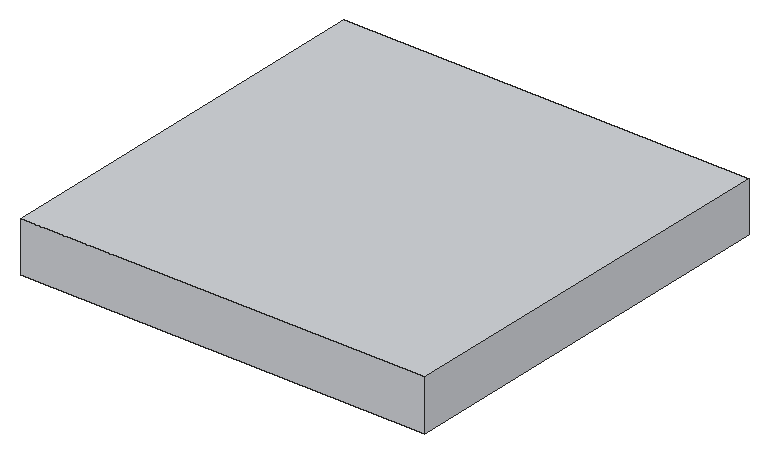
Revit family "35-7279-14-00", category Luminarias, Revit 2017
Family settings
  Anfitrión = Cara
  Cota de conector redondo = Diámetro de uso
  Tipo de pieza = Normal
  Número OmniClass = 23.80.70.00
  Título OmniClass = Lighting
  Corte con vacíos al cargar = No
  Origen de luz = No
  Compartido = Sí
  Punto de cálculo de habitación = No
Parameters (values of type "35-7279-14-00")
  Versión = "v1"
  Vatios (W) = 13
  Tipo de regulación = ""
  Tipo = "Proyector"
  Tender text (English) = "LEDS C4\nAtom Low Voltage 52\n35-7279-14-00\n\nSpotlight for indoor use. \n\nWith adjustable lighting positioning. Adjustable light source. Structure material: Aluminium. Structure finish: White. Warranty: 5 Years.\n\nProduct net weight (Kg): 0.250\nProduct length (mm): 167\nProduct width or diameter (mm): 52\nProduct height (mm): 149\n\nClass 3. IP: IP20. LED. No. of lampholders or LEDs: 1. LED brand: CREE. Driver brand: TITANIC. Maximum power of light source: 12.1W. Colour temperature: LED warm-white 2700K. Colour rendering index: 90. MacAdam Steps: 2. Maximum diameter of luminaire bulb: 50.000h L80B20. UGR:  15.0. Photobiological risk: RG1. Real flux (lm): 853. Nominal flux (lm): 1255. Lm/Real W: 66. Voltage and frequency range: 48. Voltage: 36. Gear included: No. Total power: 13."
  Tender text (Castellano) = "LEDS C4\nAtom Low Voltage 52\n35-7279-14-00\n\nProyector de uso interior con iluminación orientable. \nFuente de luz orientable. Material estructura: Aluminio. Acabado estructura: Blanco. Garantía: 5 Años.\n\nPeso neto del producto (Kg): 0.250\nLongitud del producto (mm): 167\nAnchura o diámetro del producto (mm): 52\nAltura del producto (mm): 149\n\nClase 3. IP: IP20. LED. Nº de portalámparas o Leds: 1. Marca del LED: CREE. Marca del Driver: TITANIC. Potencia máxima de la fuente de luz: 12.1W. Temperatura de color: Blanco cálido - 2700K. Índice de reproducción cromática: 90. Steps Mac Adam: 2. Diámetro máximo de la bombilla que admite la luminaria: 50.000h L80B20. UGR:  15.0. Riesgo fotobiológico: RG1. Flujo real (lm): 853. Flujo nominal (lm): 1255. Lm/W reales: 66. Rango de voltaje/frecuencia: 48. Voltaje: 36. Equipo incluido: No. Potencia total: 13."
  Temperatura color led (K) = "Blanco cálido - 2700K"
  Referencia = "35-7279-14-00"
  Rayo de luz = "ULTRA MEDIUM"
  Producto descatalogado = "Catalogado ES"
  Pluma comercial = "http://files.leds-c4.com/pl/35-7279-14-00.html"
  Peso neto (KG) = 0.25
  Material = "Aluminio"
  Lumenes reales (lm) = 853
  LDT = "http://files.leds-c4.com/ldt/35-7279-14-00.html"
  Imagen web = "http://files.leds-c4.com/main-photo/35-7279-14-00"
  IfcExportType = "NOTDEFINED"
  IfcExportAs = "IfcLightFixture\r\nIfcLightFixture"
  IP = "IP20"
  IMC = "http://files.leds-c4.com/imc/35-7279-14-00.html"
  IK = ""
  Fuente de luz = "1xLED 12.1 1255.00 lm"
  Fotometría = "http://files.leds-c4.com/fm/35-7279-14-00.html"
  Ficha = "http://files.leds-c4.com/ft/es/35-7279-14-00.html"
  FechaVersion = "Julio 2020"
  Familia = "Atom Low Voltage 52"
  Fabricante = "LEDS C4"
  Etiqueta V/f = "48 VDC"
  Elevación por defecto = 1000 mm
  Eficiencia energética = "LED A++"
  EAN13 = "8435526873821"
  DescripcionUniformat2010 = "Lighting"
  DescripcionUniclass2015 = "Lighting"
  DescripcionOmniclass = "Lighting"
  DescripcionGubimclass = "Iluminación interior"
  CodigoUniformat2010 = "D5040"
  CodigoUniclass2015 = "EF_70_80"
  CodigoOmniclass = "21-04 50 40"
  CodigoGubimclass = "50.60.50.20"
  Catálogo = "Technical"
  Carga aparente = 0 VA
  CRI = 90
  Acabado = "Blanco, Blanco"
Types (2, lengths in mm): name | Lumenes reales (lm) | CRI
  (no name) | 0 | 0
  35-7279-14-00 | 853 | 90
Values of the unnamed type that differ from the named types
  Vatios (W) = 0
  Tipo = ""
  Tender text (English) = ""
  Tender text (Castellano) = ""
  Temperatura color led (K) = ""
  Referencia = ""
  Rayo de luz = ""
  Producto descatalogado = ""
  Pluma comercial = ""
  Peso neto (KG) = 0
  Material = ""
  LDT = ""
  Imagen web = ""
  IP = ""
  IMC = ""
  Fuente de luz = ""
  Fotometría = ""
  Ficha = ""
  Familia = ""
  Etiqueta V/f = ""
  Eficiencia energética = ""
  EAN13 = ""
  Catálogo = ""
  Acabado = ""
Reference planes
  plane 1 "Centro (Frontal/Posterior)": y = 0
  plane 2: z = 0
  plane 3 "Centro (Izquierda/Derecha)": x = 0
  plane 4 "Elevación de origen de luz": z = 0
  plane 5 "Eje de origen de luz (F/P)": y = 0
  plane 6 "Eje de origen de luz (I/D)": x = 0
Forms (mm)
  Extrusion 1, solid
    sketch origin (0, 0, 0) x (1, 0, 0) y (0, 1, 0)
      loop
        line (-1219.2, 1219.2) -> (-1219.2, -1219.2) -> (1219.2, -1219.2) -> (1219.2, 1219.2) -> (-1219.2, 1219.2)
    from 0 to -304.8
Dimensions and locks
  aligned and locked: plane 2 to Extrusion 1
  aligned and locked: level to Extrusion 1
Nested families
  nested 1: "Luz anidada" at (0.45, 0, 146), type "Tipo1"
Connectors
  electrical at (0, 0, 0)
    settings: on Extrusion 1, index 1, voltage 0 V, apparent load 0 VA, apparent load phase1 0 VA, apparent load phase2 0 VA, apparent load phase3 0 VA, power factor 1, load classification "Otro", number of poles 1, system type 31, power factor state 1, is connector primary yes, connector utility no, sub classification motor no, connector description ""
Definition of nested family "Luz anidada"
  Parameters (values of type "Tipo1")
    Tilt Angle = 90.00°
    Wattage = 13 W
    Tipo de regulación = ""
    Tipo = ""
    Tender text = ""
    built-in parameter 1150110 = 1 (stored number, unit not read)
    Pluma comercial = ""
    Material = ""
    Imagen = ""
    IP = ""
    IMC = ""
    IK = ""
    Fotometría = ""
    Ficha = ""
    Familia = ""
    Estado en catálogo = ""
    Peso neto = ""
    Lamp = ""
    built-in parameter 1114217 = 1 (stored number, unit not read)
    built-in parameter 1150109 = 1 (stored number, unit not read)
    Etiqueta vf = ""
    Eficiencia energética = ""
    EAN13 = ""
    built-in parameter 1150134 = (empty or 0)
    built-in parameter 1150113 = 1 (stored number, unit not read)
    Lumens = 1659 lm
    built-in parameter 1150115 = 1 (stored number, unit not read)
    built-in parameter 1150105 = 109.82 (stored number, unit not read)
    built-in parameter 1150137 = (empty or 0)
    built-in parameter 1150139 = (empty or 0)
    built-in parameter 1150112 = 1 (stored number, unit not read)
    built-in parameter 1150114 = 1 (stored number, unit not read)
    built-in parameter 1150132 = (empty or 0)
    built-in parameter 1150102 = (empty or 0)
    built-in parameter 1150138 = (empty or 0)
    built-in parameter 1150107 = 2700 (stored number, unit not read)
    built-in parameter 1150106 = 1.0982 (stored number, unit not read)
    built-in parameter 1150104 = 6.0959 (stored number, unit not read)
    Catálogo = ""
    Dimming Lamp Color Temperature Shift = (empty or 0)
    Color Filter = 16777215
    built-in parameter 1114218 = 1 (stored number, unit not read)
    CRI = 0
    Photometric Web File = "35-7279-14-00.ies"
    Acabado = ""
    built-in parameter 1150133 = 10 (stored number, unit not read)
  Reference planes
    plane 1 "Eje de origen de luz (F/P)": y = 0
    plane 2: z = 0
    plane 3 "Eje de origen de luz (I/D)": x = 0
    plane 4 "Elevación de origen de luz": z = 0
  Dimensions and locks
    aligned and locked: plane 3 "Eje de origen de luz (I/D)" to imposter light
    aligned and locked: plane 1 "Eje de origen de luz (F/P)" to imposter light
    aligned and locked: plane 4 "Elevación de origen de luz" to imposter light
    aligned and locked: level to plane 2
